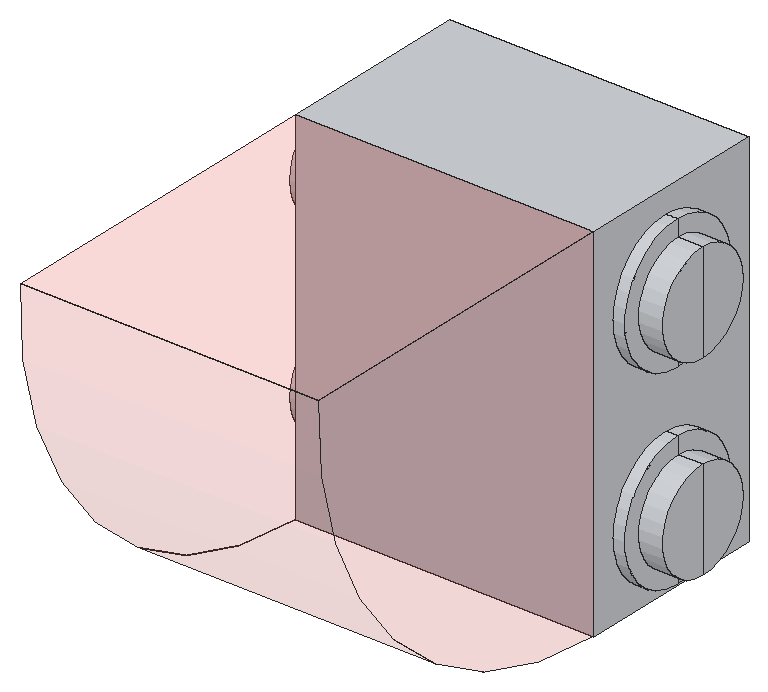
Revit family
Parameters (values of type "120 V Single Phase")
  Weight Scheduled [instance] = 39  # constant formula
  Voltage Workaround = Voltage / 1 V  # 120
  Voltage Scheduled = Voltage  # 120 V
  Voltage = 120 V  # constant formula
  VoltAmps Workaround [instance] = Voltage Workaround * Total FLA * sqrt(Phase)  # 108
  VoltAmps [instance] = VoltAmps Workaround * 1 VA  # 108 VA
  URL = "http://www.renewaire.com/_assets/files/SubmittalForms/EV70Submittal.pdf"
  Total FLA [instance] = 0.9  # constant formula
  Supply Motor RPM Scheduled [instance] = 0
  Supply Motor HP Scheduled [instance] = Supply Motor HP  # 0.08
  Supply Motor HP [instance] = 0.08  # constant formula
  Supply Motor FLA [instance] = 0.9  # constant formula
  Supply Motor Count Scheduled [instance] = 0
  Supply ESP Scheduled [instance] = Supply ESP  # 0.4
  Supply ESP [instance] = if(Supply CFM < 47 CFM, 0.4, if(Supply CFM < 60 CFM, 0.3, if(Supply CFM < 74 CFM, 0.2, if(Supply CFM < 87 CFM, 0.1, if(Supply CFM > 86 CFM, 0, 0)))))  # 0.4
  Supply CFM Scheduled [instance] = Supply CFM  # 0 CFM
  Supply CFM [instance] = 0 CFM
  Supply Air Winter RH Scheduled [instance] = 0
  Supply Air Winter DB Scheduled [instance] = 0
  Supply Air Summer RH Scheduled [instance] = 0
  Supply Air Summer DB Scheduled [instance] = 0
  Sensible Recovery Efficiency [instance] = 72
  Phase Scheduled = Phase  # 1
  Phase = 1  # constant formula
  Outside Air Winter RH Scheduled [instance] = 0
  Outside Air Winter DB Scheduled [instance] = 0
  Outside Air Summer RH Scheduled [instance] = 0
  Outside Air Summer DB Scheduled [instance] = 0
  Number of Poles = 1
  Model = "EV70"
  Manufacturer = "RenewAire"
  MOCP Scheduled [instance] = 0
  MCA Scheduled [instance] = 0
  FLA Scheduled [instance] = Total FLA  # 0.9
  Exhaust RH Scheduled [instance] = 0
  Exhaust Motor RPM Scheduled [instance] = 0
  Exhaust Motor HP Scheduled [instance] = 0.1
  Exhaust Motor Count Scheduled [instance] = 0
  Exhaust ESP Scheduled [instance] = Exhaust ESP  # 0.4
  Exhaust ESP [instance] = if(Exhaust CFM < 47 CFM, 0.4, if(Exhaust CFM < 60 CFM, 0.3, if(Exhaust CFM < 74 CFM, 0.2, if(Exhaust CFM < 87 CFM, 0.1, if(Exhaust CFM > 86 CFM, 0, 0)))))  # 0.4
  Exhaust DB Scheduled [instance] = 0
  Exhaust CFM Scheduled [instance] = Exhaust CFM  # 0 CFM
  Exhaust CFM [instance] = 0 CFM
  Apparent Sensible Effectiveness [instance] = 79
Reference planes (in)
  plane 1 "Center (Front/Back)": y = 1.75
  plane 2: z = 0
  plane 3 "Center (Left/Right)": x = 1.8125
  plane 4 "Air Out Connector Centerline": y = 1.75
  plane 5 "MOUNTING FLANGE": y = 8
Forms (in)
  Extrusion 1, solid
    sketch origin (0, 0, 0) x (1, 0, 0) y (0, 1, 0)
      loop
        line (-10.75, 8) -> (-10.75, -3.625) -> (7.25, -3.625) -> (7.25, 8) -> (-10.75, 8)
    from 1 to 22.875
  Extrusion 2, solid
    sketch origin (1.8125, 2.875, 1.17729) x (0, 1, 0) y (0, 0, 1)
      loop
        line (-6.5, 21.69771) -> (-27.25, 21.69771)
        arc (-27.25, 21.69771) -> (-21.58499, 6.29245) -> (-6.5, -0.17729) r 20.75
        line (-6.5, -0.17729) -> (-6.5, 21.69771)
    from 5.4375 to -12.5625
  Revolve 3, solid
    sketch origin (-7.125, 1.75, 3.375) x (-1, 0, 0) y (0, 0, 1)
      loop
        line (-14.375, 18.12495) -> (-15.125, 18.12495) -> (-15.125, 17.125) -> (-16.625, 17.125) -> (-16.625, 14.125) -> (-14.375, 14.125) -> (-14.375, 18.12495)
      axis (-16.625, 14.125) -> (-14.375, 14.125)
    angle from 0 to 360
  Revolve 4, solid
    sketch origin (-7.125, 1.75, -8.75) x (-1, 0, 0) y (0, 0, 1)
      loop
        line (-14.375, 18.49995) -> (-15.125, 18.49995) -> (-15.125, 17.5) -> (-16.625, 17.5) -> (-16.625, 14.5) -> (-14.375, 14.5) -> (-14.375, 18.49995)
      axis (-16.625, 14.5) -> (-14.375, 14.5)
    angle from 0 to 360
  Revolve 5, solid
    sketch origin (3.625, 1.75, 2.875) x (1, 0, 0) y (0, 0, 1)
      loop
        line (-14.375, 18.62495) -> (-15.125, 18.62495) -> (-15.125, 17.625) -> (-16.625, 17.625) -> (-16.625, 14.625) -> (-14.375, 14.625) -> (-14.375, 18.62495)
      axis (-16.625, 14.625) -> (-14.375, 14.625)
    angle from 0 to 360
  Revolve 6, solid
    sketch origin (3.625, 1.75, -8.875) x (1, 0, 0) y (0, 0, 1)
      loop
        line (-14.375, 18.62495) -> (-15.125, 18.62495) -> (-15.125, 17.625) -> (-16.625, 17.625) -> (-16.625, 14.625) -> (-14.375, 14.625) -> (-14.375, 18.62495)
      axis (-16.625, 14.625) -> (-14.375, 14.625)
    angle from 0 to 360
Cuts and joins
  joined: Extrusion 1, Revolve 3, Revolve 4, Revolve 5, Revolve 6
Lines and regions (in)
  model lines, style "RenewAire ERV"
    curve 1: line (-10.75, 8, 22.8125) -> (-9.8125, 8, 23.75)
    curve 2: line (-9.8125, 8, 23.75) -> (6.3125, 8, 23.75)
    curve 3: line (7.25, 8, 22.8125) -> (6.3125, 8, 23.75)
    curve 4: circle (-8.25, 8, 23.2982) r 0.25 normal (0, 1, 0)
    curve 5: circle (-1.75, 8, 23.2982) r 0.25 normal (0, 1, 0)
    curve 6: line (-10.75, 8, 0.9375) -> (-9.8125, 8, 0)
    curve 7: line (-9.8125, 8, 0) -> (6.3125, 8, 0)
    curve 8: line (7.25, 8, 0.9375) -> (6.3125, 8, 0)
    curve 9: circle (-8.25, 8, 0.4518) r 0.25 normal (0, -1, 0)
    curve 10: circle (-1.75, 8, 0.4518) r 0.25 normal (0, -1, 0)
    curve 11: circle (4.75, 8, 0.4518) r 0.25 normal (0, 1, 0)
    curve 12: circle (4.75, 8, 23.2982) r 0.25 normal (0, -1, 0)
Dimensions and locks (in)
  Extrusion 1 to Revolve 3 sketch curve = 0' - 5 3/8"
  Extrusion 1 to Revolve 5 sketch curve = 0' - 5 3/8"
  aligned and locked: plane 5 "MOUNTING FLANGE" to cut or joined group of Extrusion 1, Revolve 3, Revolve 4, Revolve 5, Revolve 6
  aligned and locked: Extrusion 2 to cut or joined group of Extrusion 1, Revolve 3, Revolve 4, Revolve 5, Revolve 6
Connectors (in)
  hvac at (9.5, 1.75, 17.5), driven by "Exhaust CFM"
    settings: on Revolve 3, index 6, duct flow 0 CFM, flow factor 0, pres drop 0.00 in-wg, loss coef 0, conn angle 0.00°, conn width 12", conn height 12", conn radius 3", duct sys type 3, conn prof type 0, flow config 1, flow direction 2, loss method 0, conn ref index -1, conn util no, is conn primary yes, conn desc ""
  hvac at (9.5, 1.75, 5.75), driven by "Supply CFM"
    settings: on Revolve 4, index 7, duct flow 0 CFM, flow factor 0, pres drop 0.00 in-wg, loss coef 0, conn angle 0.00°, conn width 12", conn height 12", conn radius 3", duct sys type 1, conn prof type 0, flow config 0, flow direction 2, loss method 0, conn ref index -1, conn util no, is conn primary no, conn desc ""
  hvac at (-13, 1.75, 17.5), driven by "Supply CFM"
    settings: on Revolve 5, index 8, duct flow 0 CFM, flow factor 0, pres drop 0.00 in-wg, loss coef 0, conn angle 0.00°, conn width 12", conn height 12", conn radius 3", duct sys type 1, conn prof type 0, flow config 1, flow direction 1, loss method 0, conn ref index -1, conn util no, is conn primary no, conn desc ""
  hvac at (-13, 1.75, 5.75), driven by "Exhaust CFM"
    settings: on Revolve 6, index 9, duct flow 0 CFM, flow factor 0, pres drop 0.00 in-wg, loss coef 0, conn angle 0.00°, conn width 12", conn height 12", conn radius 3", duct sys type 3, conn prof type 0, flow config 0, flow direction 1, loss method 0, conn ref index -1, conn util no, is conn primary no, conn desc ""
  electrical at (-1.75, 2.1875, 22.875), driven by "Number of Poles", driven by "Voltage", driven by "VoltAmps"
    settings: on cut or joined group of Extrusion 1, Revolve 3, Revolve 4, Revolve 5, Revolve 6, index 11, voltage 120 V, apparent load 108 VA, apparent load phase1 0 VA, apparent load phase2 0 VA, apparent load phase3 0 VA, power factor 1, load classification "HVAC", number of poles 1, system type 30, power factor state 1, is connector primary yes, connector utility no, sub classification motor no, connector description ""
